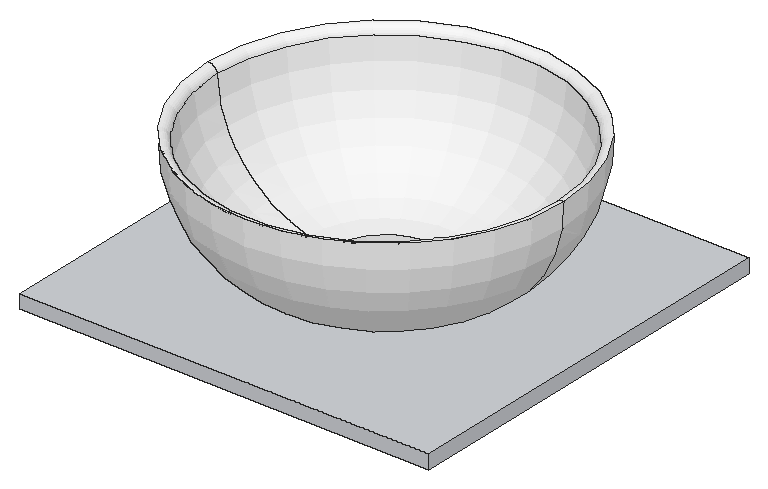
Revit family "O14761001 Lavamanos Spazio", category Generic Models, host Face, Revit 2019
Family settings
  Host = Face
  Can host rebar = No
  Round Connector Dimension = Use Diameter
  Part Type = Normal
  OmniClass Number = 23.31.13.11
  OmniClass Title = Single Sinks
  Cut with Voids When Loaded = No
  Shared = No
  Room Calculation Point = No
Parameters (values of type "Spazio 100 Blanco")
  URL = "https://corona.co/productos/lavamanos/lavamanos-spazio-con-desague/p/O14751001"
  Profundidad = 375 mm
  Pozo = "3 3/4” x 4 3/4” (35.5 cm x 12 cm)"  # constant formula
  Peso del producto empacado = "5.3 kgs"  # constant formula
  Material = Corona_Porcelana_Sanitaria
  Manufacturer = "Corona"  # constant formula
  Garantía = "Limitada de por vida CORONA"  # constant formula
  Fecha de creación = "17/07/2020"  # constant formula
  Dimensiones del producto empacado = "16 1/8” x 16 1/8” x 6 1/4” (41 cm x 41 cm x 16 cm)"  # constant formula
  Description = "Lavamanos tipo vessel en porcelana sanitaria. \r\nCumple con los requerimientos ADA."  # constant formula
  Default Elevation = 1219.2 mm
  Creado por = "IDD"  # constant formula
  Ancho = 375 mm
  Alto = 863.73 mm
  Agujeros para grifería = "N/A"  # constant formula
Types (3, lengths in mm): name | URL | Material
  (no name) | "https://corona.co/productos/lavamanos/lavamanos-spazio-con-desague/p/O14751001" | Corona_Porcelana_Sanitaria
  Spazio 100 Blanco | "https://corona.co/productos/lavamanos/lavamanos-spazio-con-desague/p/O14751001" | Corona_Porcelana_Sanitaria
  Spazio 103 Bone | "https://corona.co/productos/lavamanos/lavamanos-spazio-con-desague/p/lavamanos-spazio-II-con-desague" | Corona_Porcelana_Sanitaria_Bone
Reference planes
  plane 1 "Center (Front/Back)": y = 0
  plane 2: z = 724
  plane 3 "Center (Left/Right)": x = 0
  plane 4: x = -187.5
  plane 5: x = 187.5
  plane 6: y = 187.5
  plane 7: y = -187.5
  plane 8: z = 709
  plane 9: z = 863.73
Forms (mm)
  Extrusion 1, solid
    sketch origin (0, 0, 0) x (1, 0, 0) y (0, 1, 0)
      loop
        line (-220, 215) -> (-220, -205.461) -> (210.499, -205.461) -> (210.499, 215) -> (-220, 215)
    from 724 to 709
  Sweep 2, solid, material "Corona_Porcelana_Sanitaria" <- "Material", detail levels medium+fine
    path origin (0.747, 0, 0) x (1, 0, 0) y (0, 1, 0)
      loop
        circle (0, 0) r 187.5
    profile origin (0.747, 187.5, 0) x (0, -1, 0) y (0, 0, 1)
      loop
        arc (-0.237, 863.73) -> (41.208, 761.953) -> (144.339, 724) r 136.054
        line (144.339, 724) -> (144.339, 734.022)
        arc (144.339, 734.022) -> (51.244, 766.259) -> (9.774, 855.623) r 126.054
        arc (9.774, 855.623) -> (6.277, 861.539) -> (-0.237, 863.73) r 9.853
  Extrusion 3, solid, material "Corona_Porcelana_Sanitaria" <- "Material", detail levels coarse
    sketch origin (0, 0, 0) x (1, 0, 0) y (0, 0, 1)
      loop
        line (-186.753, 864) -> (-186.753, 724) -> (188.247, 724) -> (188.247, 864) -> (-186.753, 864)
    from -187.5 to 187.5
  Extrusion 4, void
    sketch origin (0, 0, 0) x (1, 0, 0) y (0, 1, 0)
      loop
        circle (0, 0) r 57.5
    from 0 to 1099.275
Cuts and joins
  Extrusion 4 cuts Sweep 2
Dimensions and locks
  equal spacing: plane 4, plane 3 "Center (Left/Right)", plane 5
  "Ancho": plane 4 to plane 5
  equal spacing: plane 6, plane 1 "Center (Front/Back)", plane 7
  "Profundidad": plane 6 to plane 7
  plane 9 to plane 2 = 139.73 mm
  "Alto": plane 9 to level
  plane 2 to level = 724 mm
  plane 5 to plane 4 = 375 mm
  diameter of cut or joined group of Sweep 2, Extrusion 4 = 115 mm
  aligned and locked: plane 2 to Extrusion 1
  aligned and locked: Extrusion 1 to plane 8
  aligned and locked: Sweep 2 to Extrusion 1
  aligned and locked: Extrusion 3 sketch curve to nested 2  (x3)
  aligned and locked: plane 6 to Extrusion 3
  aligned and locked: Extrusion 3 to plane 7
Automatic sketch dimensions
  Extrusion 1 sketch curve to Extrusion 1 sketch curve = 430.499 mm
  Extrusion 1 sketch curve to Extrusion 1 sketch curve = 420.461 mm
  Sweep 2 sketch curve to Sweep 2 sketch curve = 0 mm  (x6)
  plane 1 "Center (Front/Back)" to Sweep 2 sketch curve = 0 mm
  plane 4 to Sweep 2 sketch curve = 0.747 mm
  plane 3 "Center (Left/Right)" to Sweep 2 sketch curve = 0.747 mm
  plane 5 to Extrusion 3 sketch curve = 0.747 mm
  Sweep 2 sketch curve to profile plane = 0.076 mm
  Sweep 2 sketch curve to Sweep 2 sketch curve = 8.579 mm
  level to Sweep 2 sketch curve = 724 mm
  Sweep 2 sketch curve to Sweep 2 sketch curve = 10.022 mm
  Sweep 2 sketch curve to Sweep 2 sketch curve = 119.86 mm
  Sweep 2 sketch curve to profile plane = 135.759 mm
  Sweep 2 sketch curve to Sweep 2 sketch curve = 125.762 mm
  profile plane to Sweep 2 sketch curve = 0.237 mm
  plane 1 "Center (Front/Back)" to Extrusion 4 sketch curve = 0 mm
  Extrusion 4 sketch curve to plane 3 "Center (Left/Right)" = 0 mm
  radius of Extrusion 4 sketch curve = 57.5 mm
Nested families
  nested 1: "Family20" at (0, 0, 0), type "Family20"
  nested 2: "Family21" at (0.747, 0, 724) x (1, 0, 0) z (0, -1, 0), type "Family21"
  nested 3: "Family22" at (0, 0, 724) x (0, 1, 0) z (1, 0, 0), type "Family22"
Definition of nested family "Family20"
  Reference planes
    plane 1 "Center (Front/Back)": y = 0
    plane 2: z = 0
    plane 3 "Center (Left/Right)": x = 0
  Lines and regions (mm)
    detail lines, in view "Ref. Level"
      curve 1: circle (0, 0, 0) r 187.5 normal (0, 0, 1)
      curve 2: circle (0, 0, 0) r 177.5 normal (0, 0, 1)
      curve 3: circle (0, 0, 0) r 57.8 normal (0, 0, 1)
      curve 4: line (0, 100, 0) -> (0, -75, 0)
      curve 5: line (80, 0, 0) -> (-75, 0, 0)
      curve 6: circle (0, 0, 0) r 38.6 normal (0, 0, 1)
      curve 7: circle (0, 0, 0) r 19.4 normal (0, 0, 1)
Definition of nested family "Family21"
  Reference planes
    plane 1 "Center (Front/Back)": y = 0
    plane 2: z = 0
    plane 3 "Center (Left/Right)": x = 0
  Lines and regions (mm)
    detail lines, in view "Ref. Level"
      curve 1: line (-187.5, 140, 0) -> (187.5, 140, 0)
      curve 2: line (-47.5, 0, 0) -> (47.5, 0, 0)
      curve 3: arc (-187.5, 140, 0) -> (-146.495, 41.005, 0) -> (-47.5, 0, 0) r 140
      curve 4: arc (187.5, 140, 0) -> (146.495, 41.005, 0) -> (47.5, 0, 0) r 140
Definition of nested family "Family22"
  Reference planes
    plane 1 "Center (Front/Back)": y = 0
    plane 2: z = 0
    plane 3 "Center (Left/Right)": x = 0
  Lines and regions (mm)
    detail lines, in view "Ref. Level"
      curve 1: line (-187.5, 140, 0) -> (187.5, 140, 0)
      curve 2: line (-47.5, 0, 0) -> (47.5, 0, 0)
      curve 3: arc (-187.5, 140, 0) -> (-146.495, 41.005, 0) -> (-47.5, 0, 0) r 140
      curve 4: arc (187.5, 140, 0) -> (146.495, 41.005, 0) -> (47.5, 0, 0) r 140
